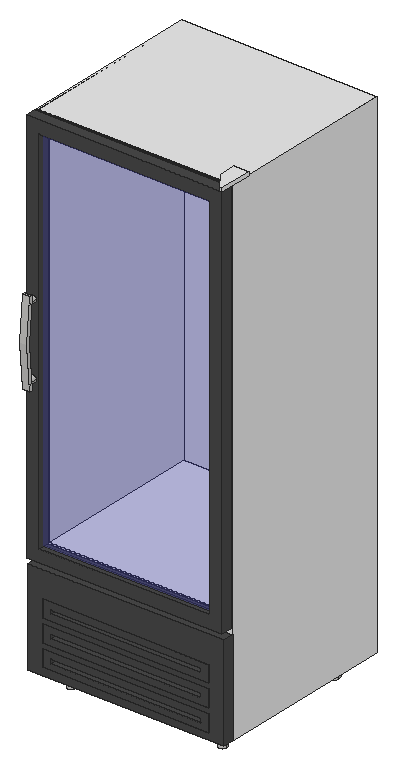
Revit family "QF_Turbo Air_TGM-11RV", category Specialty Equipment, Revit 2012
Parameters
  Weight in Pounds = 163
  Watermarked By = "http://revitwatermark.com"
  Volts = 115 V
  URL Cutsheet = ""
  URL = "www.turboairinc.com"
  Status [instance] = ""
  Specification by User [instance] = ""
  Specification by Manufacturer [instance] = ""
  Serial Number [instance] = ""
  Revision Code [instance] = ""
  Phase = 1
  Number of Poles [instance] = 1
  NAFEM Spec ID Number [instance] = ""
  Model = "TGM-11RV"
  Masterspec [instance] = ""
  Manufacturer = "Turbo Air"  # constant formula
  Item Number [instance] = "-"
  Installed By [instance] = ""
  HP = "1/4"
  Furnished By [instance] = ""
  Foodservice Equipment Identifier = yes
  FL Amps = 5.4 A
  Electrical Remarks [instance] = ""
  Electric Connection Type [instance] = ""
  Elec Conn RI Height [instance] = 0' - 0"
  Elec Conn Connection Height = 0' - 6"
  Description = "Glass Door Merchandiser"
  Cycle = 60 Hz
  Conn Plug = "NEMA 5-15P"
  CSI MasterFormat = "11 41 00"
  Assembly Code = "E1090320"
  Apparent Power = if(Phase = 3, Volts * FL Amps * 1.73, Volts * FL Amps)  # 621 VA
Reference planes (in)
  plane 1: z = 0
  plane 2 "LEFT": x = -20.55251
  plane 3 "RIGHT": x = 3.07249
  plane 4 "BACK": y = -2
  plane 5 "FRONT": y = -25.375
  plane 6 "Front of Box": y = -23.8125
  plane 7 "TOP": z = 62.875
  plane 8 "Top of Box": z = 62.5
  plane 9 "Bottom of Door": z = 14.5625
  plane 10 "Top of Vents": z = 13.8125
  plane 11 "Bottom": z = 2.3125
Forms (in)
  Extrusion 1, solid, material "QF_Finishes_White"
    sketch origin (0, -2, 0) x (1, 0, 0) y (0, 0, 1)
      loop
        line (-20.55251, 62.5) -> (-20.55251, 2.3125) -> (3.07249, 2.3125) -> (3.07249, 62.5) -> (-20.55251, 62.5)
      loop
        line (-20.05251, 2.8125) -> (2.57249, 2.8125) -> (2.57249, 13.3125) -> (-20.05251, 13.3125) -> (-20.05251, 2.8125)
      loop
        line (-20.42751, 62.375) -> (-20.42751, 14.6875) -> (2.94749, 14.6875) -> (2.94749, 62.375) -> (-20.42751, 62.375)
    from 0 to 21.8125
  Extrusion 2, solid, material "QF_Finishes_White"
    sketch origin (0, -2, 0) x (1, 0, 0) y (0, 0, 1)
      loop
        line (-20.42751, 62.375) -> (-20.42751, 14.6875) -> (2.94749, 14.6875) -> (2.94749, 62.375) -> (-20.42751, 62.375)
      loop
        line (-20.05251, 13.3125) -> (-20.05251, 2.8125) -> (2.57249, 2.8125) -> (2.57249, 13.3125) -> (-20.05251, 13.3125)
    from 0 to 0.125
  Extrusion 3, solid, material "QF_Finishes_White"
    sketch origin (-20.55251, 0, 0) x (0, 1, 0) y (0, 0, 1)
      loop
        line (-23.8125, 14.6875) -> (-2.125, 14.6875) -> (-2.125, 62.375) -> (-23.8125, 62.375) -> (-23.8125, 61) -> (-3.5, 61) -> (-3.5, 16.0625) -> (-23.8125, 16.0625) -> (-23.8125, 14.6875)
    from 0.125 to 23.5
  Extrusion 4, solid, material "QF_Finishes_White"
    sketch origin (-20.55251, 0, 0) x (0, 1, 0) y (0, 0, 1)
      loop
        line (-23.8125, 61) -> (-23.8125, 16.0625) -> (-3.5, 16.0625) -> (-3.5, 61) -> (-23.8125, 61)
    from 0.125 to 1.5
  Extrusion 5, solid, material "QF_Finishes_White"
    sketch origin (3.07249, 0, 0) x (0, 1, 0) y (0, 0, 1)
      loop
        line (-23.8125, 61) -> (-23.8125, 16.0625) -> (-3.5, 16.0625) -> (-3.5, 61) -> (-23.8125, 61)
    from -0.125 to -1.5
  Extrusion 6, solid, material "QF_Finishes_Black"
    sketch origin (0, -23.8125, 0) x (1, 0, 0) y (0, 0, 1)
      loop
        line (-19.80251, 61.625) -> (-19.80251, 15.3125) -> (2.32249, 15.3125) -> (2.32249, 61.625) -> (-19.80251, 61.625)
      loop
        line (-19.92751, 61.75) -> (-19.92751, 15.1875) -> (2.44749, 15.1875) -> (2.44749, 61.75) -> (-19.92751, 61.75)
    from 0 to 0.3125
  Extrusion 7, solid, material "QF_Finishes_Stainless Steel"
    sketch origin (0, 0, 0) x (1, 0, 0) y (0, 1, 0)
      loop
        circle (-17.86501, -4.9375) r 0.5
      loop
        circle (-17.86501, -21.9375) r 0.5
      loop
        circle (0.38499, -4.9375) r 0.5
      loop
        circle (0.38499, -21.9375) r 0.5
    from 0 to 2.3125
  Extrusion 8, solid, material "QF_Finishes_White"
    sketch origin (0, -2.625, 62.5) x (0, 1, 0) y (-1, 0, 0)
      loop
        line (-22.75, -3.07249) -> (-18.75, -3.07249) -> (-18.75, -1.32249) -> (-20.75, -1.32249) -> (-22.75, -2.82249) -> (-22.75, -3.07249)
    from 0 to 0.375
  Extrusion 9, solid, material "QF_Finishes_White"
    sketch origin (0, -2, 0) x (1, 0, 0) y (0, 0, 1)
      loop
        circle (0.07249, 6) r 0.25
    from 0 to -0.0625
  Extrusion 10, solid, material "QF_Finishes_Black"
    sketch origin (0, -23.8125, 0) x (1, 0, 0) y (0, 0, 1)
      loop
        line (-20.55251, 13.8125) -> (-20.55251, 2.3125) -> (3.07249, 2.3125) -> (3.07249, 13.8125) -> (-20.55251, 13.8125)
      loop
        line (-18.80251, 3.1875) -> (1.32249, 3.1875) -> (1.32249, 5.1875) -> (-18.80251, 5.1875) -> (-18.80251, 3.1875)
      loop
        line (1.32249, 10.5625) -> (-18.80251, 10.5625) -> (-18.80251, 8.5625) -> (1.32249, 8.5625) -> (1.32249, 10.5625)
      loop
        line (-18.80251, 7.875) -> (-18.80251, 5.875) -> (1.32249, 5.875) -> (1.32249, 7.875) -> (-18.80251, 7.875)
    from 0 to 1.375
  Blend 11, solid, material "QF_Finishes_Black"
    base sketch origin (0, -25.375, 0) x (1, 0, 0) y (0, 0, 1)
      loop
        line (-18.80251, 10.5625) -> (-18.80251, 8.5625) -> (1.32249, 8.5625) -> (1.32249, 10.5625) -> (-18.80251, 10.5625)
    top sketch origin (0, -25.375, 0) x (1, 0, 0) y (0, 0, 1)
      loop
        line (-17.80251, 9.8125) -> (-17.80251, 9.3125) -> (0.32249, 9.3125) -> (0.32249, 9.8125) -> (-17.80251, 9.8125)
    from -0.1875 to -1.5625
  Extrusion 12, void
    sketch origin (0, -23.8125, 0) x (1, 0, 0) y (0, 0, 1)
      loop
        line (-17.80251, 9.8125) -> (-17.80251, 9.3125) -> (0.32249, 9.3125) -> (0.32249, 9.8125) -> (-17.80251, 9.8125)
    from 0 to 1.375
  Blend 13, solid, material "QF_Finishes_Black"
    base sketch origin (0, -25.375, -2.6875) x (1, 0, 0) y (0, 0, 1)
      loop
        line (-18.80251, 10.5625) -> (-18.80251, 8.5625) -> (1.32249, 8.5625) -> (1.32249, 10.5625) -> (-18.80251, 10.5625)
    top sketch origin (0, -25.375, -2.6875) x (1, 0, 0) y (0, 0, 1)
      loop
        line (-17.80251, 9.8125) -> (-17.80251, 9.3125) -> (0.32249, 9.3125) -> (0.32249, 9.8125) -> (-17.80251, 9.8125)
    from -0.1875 to -1.5625
  Extrusion 14, void
    sketch origin (0, -23.8125, -2.6875) x (1, 0, 0) y (0, 0, 1)
      loop
        line (-17.80251, 9.8125) -> (-17.80251, 9.3125) -> (0.32249, 9.3125) -> (0.32249, 9.8125) -> (-17.80251, 9.8125)
    from 0 to 1.375
  Blend 15, solid, material "QF_Finishes_Black"
    base sketch origin (0, -25.375, -5.375) x (1, 0, 0) y (0, 0, 1)
      loop
        line (-18.80251, 10.5625) -> (-18.80251, 8.5625) -> (1.32249, 8.5625) -> (1.32249, 10.5625) -> (-18.80251, 10.5625)
    top sketch origin (0, -25.375, -5.375) x (1, 0, 0) y (0, 0, 1)
      loop
        line (-17.80251, 9.8125) -> (-17.80251, 9.3125) -> (0.32249, 9.3125) -> (0.32249, 9.8125) -> (-17.80251, 9.8125)
    from -0.1875 to -1.5625
  Extrusion 16, void
    sketch origin (0, -23.8125, -5.375) x (1, 0, 0) y (0, 0, 1)
      loop
        line (-17.80251, 9.8125) -> (-17.80251, 9.3125) -> (0.32249, 9.3125) -> (0.32249, 9.8125) -> (-17.80251, 9.8125)
    from 0 to 1.375
Cuts and joins
  Extrusion 12, Extrusion 14 cuts Blend 11
  Extrusion 14, Extrusion 16 cuts Blend 13
  Extrusion 16 cuts Blend 15
Lines and regions (in)
  symbolic lines
    curve 1: line (3.07249, -21.375, 62.5) -> (1.32249, -21.375, 62.5)
    curve 2: line (1.32249, -21.375, 62.5) -> (1.32249, -23.375, 62.5)
    curve 3: line (1.32249, -23.375, 62.5) -> (2.82249, -25.375, 62.5)
    curve 4: line (3.07249, -25.375, 62.5) -> (-20.55251, -25.375, 62.5)
    curve 5: line (-20.55251, -25.375, 62.5) -> (-20.55251, -24.125, 62.5)
    curve 6: line (-20.55251, -24.125, 62.5) -> (1.88499, -24.125, 62.5)
    curve 7: line (3.07249, -25.375, 62.5) -> (3.07249, -2, 62.5)
    curve 8: line (3.07249, -2, 62.5) -> (-20.55251, -2, 62.5)
    curve 9: line (-20.55251, -2, 62.5) -> (-20.55251, -23.8125, 62.5)
    curve 10: line (-20.55251, -23.8125, 62.5) -> (1.65062, -23.8125, 62.5)
    curve 11: line (-19.92751, -23.8125, 62.5) -> (-19.92751, -24.125, 62.5)
    curve 14: line (-20.17751, -25.375, 62.5) -> (-20.17751, -26.12165, 62.5)
    curve 15: line (-20.24001, -26.12165, 62.5) -> (-19.36501, -26.12165, 62.5)
    curve 16: line (-19.42751, -25.375, 62.5) -> (-19.42751, -26.12165, 62.5)
    curve 17: line (-19.36501, -26.81005, 62.5) -> (-19.36501, -26.12165, 62.5)
    curve 18: line (-20.24001, -26.81005, 62.5) -> (-19.36501, -26.81005, 62.5)
    curve 19: line (-20.24001, -26.12165, 62.5) -> (-20.24001, -26.81005, 62.5)
  symbolic lines, style "QF_Clearances", detail levels coarse
    curve 12: line (3.07249, -49, 62.5) -> (3.07249, -25.375, 62.5)
    curve 13: arc (3.07249, -49, 62.5) -> (-13.63291, -42.0804, 62.5) -> (-20.55251, -25.375, 62.5) r 23.625
Dimensions and locks (in)
  plane 3 "RIGHT" to plane 2 "LEFT" = 1' - 11 5/8"
  locked: plane 5 "FRONT" to plane 4 "BACK" at 23.375
  locked: plane 5 "FRONT" to plane 6 "Front of Box" at 1.5625
  plane 7 "TOP" to level = 5' - 2 7/8"
  locked: plane 7 "TOP" to plane 8 "Top of Box" at 0.375
  locked: plane 8 "Top of Box" to Extrusion 1 sketch curve at 0.125
  locked: Extrusion 1 sketch curve to plane 3 "RIGHT" at 0.125
  locked: Extrusion 2 sketch curve to plane 9 "Bottom of Door" at 0.125
  locked: plane 8 "Top of Box" to Extrusion 2 sketch curve at 0.125
  locked: Extrusion 2 sketch curve to plane 2 "LEFT" at 0.125
  locked: Extrusion 2 sketch curve to plane 3 "RIGHT" at 0.125
  locked: Extrusion 3 sketch curve to Extrusion 3 sketch curve at 1.375  (x3)
  locked: plane 8 "Top of Box" to Extrusion 3 sketch curve at 0.125
  locked: Extrusion 3 sketch curve to plane 4 "BACK" at 0.125
  locked: plane 9 "Bottom of Door" to Extrusion 3 sketch curve at 0.125
  locked: plane 2 "LEFT" to Extrusion 7 sketch curve at 2.6875  (x2)
  locked: Extrusion 7 sketch curve to plane 4 "BACK" at 2.9375  (x2)
  locked: Extrusion 7 sketch curve to plane 3 "RIGHT" at 2.6875  (x2)
  locked: plane 6 "Front of Box" to Extrusion 7 sketch curve at 1.875  (x2)
  locked: plane 3 "RIGHT" to Extrusion 9 sketch curve at 3
  locked: plane 8 "Top of Box" to Extrusion 5 sketch curve at 1.5
  locked: Extrusion 6 sketch curve to Extrusion 6 sketch curve at 0.125  (x4)
  locked: plane 8 "Top of Box" to Extrusion 6 sketch curve at 0.75
  locked: Extrusion 6 sketch curve to plane 2 "LEFT" at 0.625
  locked: Extrusion 6 sketch curve to plane 3 "RIGHT" at 0.625
  locked: Extrusion 6 sketch curve to plane 9 "Bottom of Door" at 0.625
  locked: plane 9 "Bottom of Door" to Extrusion 4 sketch curve at 1.5
  locked: plane 4 "BACK" to Extrusion 4 sketch curve at 1.5
  locked: plane 8 "Top of Box" to Extrusion 4 sketch curve at 1.5
  locked: plane 4 "BACK" to Extrusion 5 sketch curve at 1.5
  locked: plane 9 "Bottom of Door" to Extrusion 5 sketch curve at 1.5
  locked: plane 10 "Top of Vents" to plane 11 "Bottom" at 11.5
  locked: plane 11 "Bottom" to level at 2.3125
  locked: plane 9 "Bottom of Door" to plane 10 "Top of Vents" at 0.75
  locked: plane 10 "Top of Vents" to Extrusion 1 sketch curve at 0.5
  locked: Extrusion 1 sketch curve to plane 2 "LEFT" at 0.5
  locked: Extrusion 1 sketch curve to plane 3 "RIGHT" at 0.5
  locked: Extrusion 1 sketch curve to plane 11 "Bottom" at 0.5
  locked: Extrusion 1 sketch curve to plane 9 "Bottom of Door" at 0.125
  locked: plane 10 "Top of Vents" to Extrusion 2 sketch curve at 0.5
  locked: Extrusion 2 sketch curve to plane 11 "Bottom" at 0.5
  locked: Extrusion 2 sketch curve to plane 2 "LEFT" at 0.5
  locked: Extrusion 2 sketch curve to plane 3 "RIGHT" at 0.5
  locked: Extrusion 8 sketch curve to plane 5 "FRONT" at 4
  locked: plane 5 "FRONT" to Extrusion 8 sketch curve at 2
  locked: Extrusion 8 sketch curve to plane 3 "RIGHT" at 1.75
  locked: Extrusion 8 sketch curve to plane 3 "RIGHT" at 0.25
  locked: Extrusion 1 sketch curve to plane 2 "LEFT" at 0.125
  Extrusion 9 sketch curve to level = 0' - 6"
  aligned and locked: level to plane 1
  aligned and locked: Extrusion 1 sketch curve to plane 8 "Top of Box"
  aligned and locked: plane 2 "LEFT" to Extrusion 1 sketch curve
  aligned and locked: Extrusion 1 sketch curve to plane 3 "RIGHT"
  aligned and locked: plane 6 "Front of Box" to Extrusion 1
  aligned and locked: Extrusion 3 sketch curve to plane 6 "Front of Box"
  aligned and locked: plane 6 "Front of Box" to Extrusion 3 sketch curve
  aligned and locked: Extrusion 4 sketch curve to Extrusion 3  (x2)
  aligned and locked: Extrusion 3 to Extrusion 4 sketch curve
  aligned and locked: Extrusion 4 sketch curve to plane 6 "Front of Box"
  aligned and locked: plane 3 "RIGHT" to Extrusion 8 sketch curve
  aligned and locked: Extrusion 8 sketch curve to plane 5 "FRONT"
  aligned and locked: plane 7 "TOP" to Extrusion 8
  aligned and locked: plane 11 "Bottom" to Extrusion 7
  aligned and locked: plane 11 "Bottom" to Extrusion 1 sketch curve
  aligned and locked: Extrusion 3 to Extrusion 1
  aligned and locked: plane 5 "FRONT" to Extrusion 8 sketch curve  (x3)
  aligned and locked: plane 6 "Front of Box" to Extrusion 5 sketch curve
  aligned and locked: nested 1 to plane 9 "Bottom of Door"
  aligned and locked: plane 8 "Top of Box" to nested 1
  aligned and locked: Extrusion 10 sketch curve to plane 10 "Top of Vents"
  aligned and locked: plane 2 "LEFT" to Extrusion 10 sketch curve
  aligned and locked: plane 11 "Bottom" to Extrusion 10 sketch curve
  aligned and locked: Extrusion 10 sketch curve to plane 3 "RIGHT"
Nested families (in)
  nested 1: "QF_Turbo Air_RI_Glass-Door" at (-5.37584, -24.125, 14.5625), type "QF_Turbo Air_RI_Glass-Door"
    with Width 1' - 11 5/8", Symbolic Lines no, Height 3' - 11 15/16", Door Frame Material QF_Finishes_Black, Depth 0' - 1 1/4"
Connectors (in)
  electrical at (0.07249, -1.9375, 6), driven by "Number of Poles", driven by "Volts", driven by "Apparent Power"
    settings: on Extrusion 9, index 1, voltage 115 V, apparent load 621 VA, apparent load phase1 0 VA, apparent load phase2 0 VA, apparent load phase3 0 VA, power factor 1, load classification "Other", number of poles 1, system type 30, power factor state 1, is connector primary yes, connector utility no, sub classification motor no, connector description "Electric"
Definition of nested family "QF_Turbo Air_RI_Glass-Door"
  Parameters (values of type "QF_Turbo Air_RI_Glass-Door")
    Width [instance] = 2' - 4 3/4"
    Watermarked By = "http://revitwatermark.com"
    Symbolic Lines [instance] = yes
    Manufacturer = "Turbo Air"  # constant formula
    Height [instance] = 5' - 3 1/4"
    Door Frame Material [instance] = QF_Finishes_Stainless Steel
    Depth [instance] = 0' - 1 13/16"
  Reference planes (in)
    plane 1 "BACK": y = 0
    plane 2: z = 0
    plane 3 "LEFT": x = -15.17667
    plane 4: x = 13.57333
    plane 5 "FRONT": y = -1.8125
    plane 6: z = 63.25
    plane 7 "Top of Handle": z = 36.75
    plane 8 "Bottom of Handle": z = 26.5
    plane 9 "Center of Handle": z = 31.625
    plane 10: x = -13.67667
    plane 11: x = 12.07333
    plane 12: z = 61.75
    plane 13: z = 1.5
    plane 14 "Handle": x = -14.42667
  Forms (in)
    Extrusion 1, solid, material "QF_Finishes_Stainless Steel" <- "Door Frame Material"
      sketch origin (0, 0, 0) x (1, 0, 0) y (0, 0, 1)
        loop
          line (-15.17667, 63.25) -> (-15.17667, 0) -> (13.57333, 0) -> (13.57333, 63.25) -> (-15.17667, 63.25)
        loop
          line (-13.67667, 61.75) -> (-13.67667, 1.5) -> (12.07333, 1.5) -> (12.07333, 61.75) -> (-13.67667, 61.75)
      from 0 to 1.8125
    Extrusion 2, solid, material "QF_Finishes_Glass"
      sketch origin (0, 0, 0) x (1, 0, 0) y (0, 0, 1)
        loop
          line (-13.67667, 61.75) -> (-13.67667, 1.5) -> (12.07333, 1.5) -> (12.07333, 61.75) -> (-13.67667, 61.75)
      from 0.5 to 1.3125
    Extrusion 3, solid, material "QF_Finishes_Polished Steel"
      sketch origin (-14.42667, 0, 0) x (0, 1, 0) y (0, 0, 1)
        loop
          line (-2.55915, 36.75) -> (-2.875, 36.75)
          arc (-2.875, 36.75) -> (-3.24755, 31.625) -> (-2.875, 26.5) r 35.4375
          line (-2.875, 26.5) -> (-2.55915, 26.5)
          arc (-2.55915, 26.5) -> (-2.93505, 31.625) -> (-2.55915, 36.75) r 35.125
      from -0.4375 to 0.4375
    Extrusion 4, solid, material "QF_Finishes_Polished Steel"
      sketch origin (0, -1.8125, 0) x (1, 0, 0) y (0, 0, 1)
        loop
          circle (-14.42667, 35.9375) r 0.375
        loop
          circle (-14.42667, 27.3125) r 0.375
      from 0 to 1
  Lines and regions (in)
    symbolic lines, visible <- "Symbolic Lines"
      curve 1: line (-15.17667, 0, 26.5) -> (13.57333, 0, 26.5)
      curve 2: line (-15.17667, -1.8125, 26.5) -> (-15.17667, 0, 26.5)
      curve 3: line (13.57333, -1.8125, 26.5) -> (-15.17667, -1.8125, 26.5)
      curve 4: line (13.57333, 0, 26.5) -> (13.57333, -1.8125, 26.5)
      curve 5: line (-14.86417, -2.55915, 26.5) -> (-14.86417, -3.24755, 26.5)
      curve 6: line (-13.98917, -3.24755, 26.5) -> (-13.98917, -2.55915, 26.5)
      curve 7: line (-14.86417, -2.55915, 26.5) -> (-13.98917, -2.55915, 26.5)
      curve 8: line (-14.86417, -3.24755, 26.5) -> (-13.98917, -3.24755, 26.5)
      curve 9: line (-14.05167, -1.8125, 26.5) -> (-14.05167, -2.55915, 26.5)
      curve 10: line (-14.80167, -1.8125, 26.5) -> (-14.80167, -2.55915, 26.5)
  Dimensions and locks (in)
    "Width": plane 4 to plane 3 "LEFT"
    "Depth": plane 5 "FRONT" to plane 1 "BACK"
    "Height": plane 6 to plane 2
    locked: plane 7 "Top of Handle" to plane 8 "Bottom of Handle" at 10.25
    equal spacing: plane 7 "Top of Handle", plane 9 "Center of Handle", plane 8 "Bottom of Handle"
    locked: plane 13 to level at 1.5
    locked: plane 6 to plane 12 at 1.5
    equal spacing: plane 6, plane 9 "Center of Handle", level
    plane 13 to plane 8 "Bottom of Handle" = 2' - 1"
    plane 3 "LEFT" to plane 14 "Handle" to plane 10 = 0' - 0 3/4" locked, 0' - 0 3/4" locked
    locked: plane 3 "LEFT" to plane 10 at 1.5
    locked: plane 11 to plane 4 at 1.5
    locked: plane 1 "BACK" to Extrusion 2 at 0.5
    locked: Extrusion 2 to plane 5 "FRONT" at 0.5
    locked: Extrusion 3 sketch curve to plane 5 "FRONT" at 0.74665  (x2)
    locked: Extrusion 3 sketch curve to plane 5 "FRONT" at 1.0625  (x2)
    locked: plane 7 "Top of Handle" to Extrusion 4 sketch curve at 0.8125
    locked: Extrusion 4 sketch curve to plane 8 "Bottom of Handle" at 0.8125
    equal spacing: plane 10, Extrusion 4 sketch curve, plane 3 "LEFT"  (x2)
    aligned and locked: level to plane 2
    aligned and locked: Extrusion 1 sketch curve to plane 6
    aligned and locked: plane 3 "LEFT" to Extrusion 1 sketch curve
    aligned and locked: level to Extrusion 1 sketch curve
    aligned and locked: Extrusion 1 sketch curve to plane 4
    aligned and locked: plane 5 "FRONT" to Extrusion 1
    aligned and locked: Extrusion 1 sketch curve to plane 12
    aligned and locked: plane 10 to Extrusion 1 sketch curve
    aligned and locked: plane 13 to Extrusion 1 sketch curve
    aligned and locked: Extrusion 1 sketch curve to plane 11
    aligned and locked: Extrusion 2 sketch curve to plane 12
    aligned and locked: plane 10 to Extrusion 2 sketch curve
    aligned and locked: Extrusion 2 sketch curve to plane 11
    aligned and locked: plane 13 to Extrusion 2 sketch curve
    aligned and locked: plane 7 "Top of Handle" to Extrusion 3 sketch curve
    aligned and locked: plane 8 "Bottom of Handle" to Extrusion 3 sketch curve
    aligned and locked: plane 3 "LEFT" to curve 2
    aligned and locked: plane 1 "BACK" to curve 1
    aligned and locked: curve 4 to plane 4
    aligned and locked: curve 3 to plane 5 "FRONT"
    aligned and locked: curve 5 to Extrusion 3
    aligned and locked: curve 6 to Extrusion 3
    aligned and locked: curve 7 to Extrusion 3
  Automatic sketch dimensions
    Extrusion 3 sketch curve to plane 7 "Top of Handle" = 0' - 0"
    Extrusion 3 sketch curve to Extrusion 3 sketch curve = 0' - 0"
    Extrusion 3 sketch curve to plane 1 "BACK" = 2' - 8.18995"
    curve 8 to curve 5 = 0' - 0.6884"
    curve 6 to curve 9 = 0' - 0 1/16"
    curve 10 to curve 5 = 0' - 0 1/16"
    radius of Extrusion 4 sketch curve = 0' - 0 3/8"  (x2)
